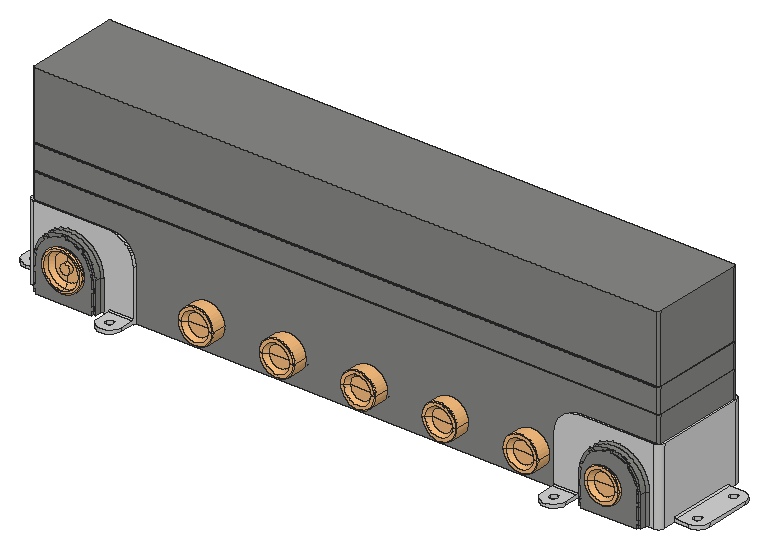
Revit family "Valve-Six_Outlet_Thermostatic-KOHLER-K-26344T_1", category Plumbing Fixtures, host Face, Revit 2017
Family settings
  Host = Face
  Round Connector Dimension = Use Diameter
  Part Type = Normal
  OmniClass Number = 23.27.31.00
  OmniClass Title = Valves
  Cut with Voids When Loaded = No
  Shared = No
  Room Calculation Point = No
Parameters (values of type "58-Thunder Grey")
  Width = 21 81/128"  # constant formula
  WaterSense Certified = 1 = 0  # no
  Waste Connection = 1 = 0  # no
  Vent Connection = 1 = 0  # no
  Tempered Water Outlet 6 UP [instance] = yes
  Tempered Water Outlet 6 Down [instance] = not(Tempered Water Outlet 6 UP)  # no
  Tempered Water Outlet 6 = "Tempered Water Outlet 6"  # constant formula
  Tempered Water Outlet 5 = "Tempered Water Outlet 5"  # constant formula
  Tempered Water Outlet 4 = "Tempered Water Outlet 4"  # constant formula
  Tempered Water Outlet 3 = "Tempered Water Outlet 3"  # constant formula
  Tempered Water Outlet 2 = "Tempered Water Outlet 2"  # constant formula
  Tempered Water Outlet 1 = "Tempered Water Outlet 1"  # constant formula
  URL = "http://www.kohler.com.cn/"
  Type = 1
  Product Page URL = ""
  Product Name = ""
  Product Documentation Link = ""
  Pressure = 0.00 psi  # constant formula
  Tempered Water Outlet 5 UP [instance] = yes
  Tempered Water Outlet 5 Down [instance] = not(Tempered Water Outlet 5 UP)  # no
  Tempered Water Outlet 4 UP [instance] = yes
  Tempered Water Outlet 4 Down [instance] = not(Tempered Water Outlet 4 UP)  # no
  Tempered Water Outlet 3 UP [instance] = yes
  Tempered Water Outlet 3 Down [instance] = not(Tempered Water Outlet 3 UP)  # no
  Tempered Water Outlet 2 Down [instance] = not(Tempered Water Outlet 2 UP)  # no
  Tempered Water Outlet 1 UP [instance] = yes
  Tempered Water Outlet 1 Down [instance] = not(Tempered Water Outlet 1 UP)  # no
  Model = "K-26344T-NA"  # constant formula
  Material = "Plastic construction"  # constant formula
  Master Format 2014 Name = "Control Valves"  # constant formula
  Master Format 2014 = "23 09 13.33"  # constant formula
  Manufacturer Address = "Kohler Beijing Office (100016) 36-2-03-B, No. 88, Liuxiang Road, Beijing"  # constant formula
  Manufacturer = "KOHLER Co."  # constant formula
  Length = 6 13/128"  # constant formula
  Hot Water Inlet = "Hot Water Inlet"  # constant formula
  Height = 4 113/128"  # constant formula
  HW Connection = 1 = 1  # yes
  Flow Rate = 1.75 GPM  # constant formula
  Finish = Kohler-Plastic-58-Thunder_Grey
  Environmental Product Declaration = ""
  Description = "REC PUSH-BUTTON TH VALVE- 6 OUTLET"  # constant formula
  Default Elevation = 42"
  Declare Label = ""
  Date Modified = "02/12/2021"  # constant formula
  Date Created = "02/11/2021"  # constant formula
  Copyright = "Copyright KOHLER Co."  # constant formula
  Contact Us = "http://www.kohler.com.cn/contact/contact-us/"
  Tempered Water Outlet 2 UP [instance] = yes
  Cold Water Inlet = "Cold Water Inlet"  # constant formula
  CW Connection = 1 = 1  # yes
  Assembly Code = "D2020"
  ADA Compliant = 1 = 0  # no
Reference planes (in)
  plane 1 "Center (Front/Back)": y = 0
  plane 2: z = 0
  plane 3 "Center (Left/Right)": x = 0
  plane 4: y = 2.44056
  plane 5: y = -2.44225
  plane 6: y = 2.06786
  plane 7: y = 0.7088
  plane 8: y = -0.7088
  plane 9: y = -2.06786
  plane 10: y = 1.59449
  plane 11: y = -1.59449
  plane 12: y = 1.06299
  plane 13: y = -1.06299
  plane 14: y = 1.51575
  plane 15: y = -1.51575
  plane 16: x = -10.81695
  plane 17: x = -10.44302
  plane 18: x = -9.87202
  plane 19: x = -9.97044
  plane 20: x = -8.59226
  plane 21: z = -6.10156
  plane 22: x = -4.37846
  plane 23: x = -1.82014
  plane 24: x = 3.29803
  plane 25: x = 8.41418
  plane 26: x = 0.73818
  plane 27: x = 5.85611
  plane 28: x = 10.81586
  plane 29: x = 10.44302
  plane 30: x = 9.87202
  plane 31: x = 9.97044
  plane 32: z = -5.11315
  plane 33: z = -5.21662
Forms (in)
  Extrusion 1, void
    sketch origin (0, 0, 0) x (1, 0, 0) y (0, 1, 0)
      loop
        line (9.97048, 1.59431) -> (-9.97048, 1.59431) -> (-9.97048, -1.59467) -> (9.97048, -1.59467) -> (9.97048, 1.59431)
    from -3.63515 to 0.93426
  Extrusion 2, void
    sketch origin (0, 0.09467, 0) x (1, 0, 0) y (0, 1, 0)
      loop
        line (10.84548, 2.3512) -> (-10.84548, 2.3512) -> (-10.84548, -2.53217) -> (10.84548, -2.53217) -> (10.84548, 2.3512)
    from -6.08285 to -3.57524
Dimensions and locks (in)
  plane 8 to plane 7 = 1.4176"
  plane 10 to plane 11 = 3.18898"
  "Width": plane 16 to plane 28
  "Length": level to plane 21
  "Height": plane 4 to plane 5
  aligned and locked: plane 2 to host face
  aligned and locked: level to host face
Automatic sketch dimensions
  host sketch curve to host sketch curve = 96"  (x2)
  Extrusion 1 sketch curve to plane 14 = 0.07856"
  plane 18 to Extrusion 1 sketch curve = 0.09847"
  Extrusion 1 sketch curve to plane 15 = 0.07892"
  plane 3 "Center (Left/Right)" to Extrusion 1 sketch curve = 9.97048"
  plane 19 to Extrusion 2 sketch curve = 0.87504"
  plane 31 to Extrusion 2 sketch curve = 0.87504"
  Extrusion 2 sketch curve to plane 5 = 0.00475"
  plane 10 to Extrusion 2 sketch curve = 0.85138"
Nested families (in)
  nested 1: "K-26344T" at (0, 0, -6.10236), type "K-26344T"
Connectors (in)
  piping at (-1.82014, 1.9687, -5.21662), diameter 0.5, driven by "Flow Rate", driven by "HW Connection", driven by "Tempered Water Outlet 2"
    settings: on nested 1, index 2, connector inside diameter 24", connector length 0", flow factor 0, pipe flow 1.75 GPM, pressure drop 0.00 psi, fitting loss kfactor 0, connector angle 0.00°, fixture units 0, engagement length 0", angle of deflection 0.00°, flow configuration 1, flow direction 2, fitting loss method 0, system type 19, joint type 0, gender type 0, connector reference index -1, connector utility 1, adjustable connector no, is connector primary yes, connector description "Tempered Water Outlet 2"
  piping at (0.73818, 1.93826, -5.21662), diameter 0.5, driven by "Flow Rate", driven by "HW Connection", driven by "Tempered Water Outlet 3"
    settings: on nested 1, index 3, connector inside diameter 24", connector length 0", flow factor 0, pipe flow 1.75 GPM, pressure drop 0.00 psi, fitting loss kfactor 0, connector angle 0.00°, fixture units 0, engagement length 0", angle of deflection 0.00°, flow configuration 1, flow direction 2, fitting loss method 0, system type 19, joint type 0, gender type 0, connector reference index -1, connector utility 1, adjustable connector no, is connector primary no, connector description "Tempered Water Outlet 3"
  piping at (3.29803, 1.93826, -5.21662), diameter 0.5, driven by "Flow Rate", driven by "HW Connection", driven by "Tempered Water Outlet 4"
    settings: on nested 1, index 4, connector inside diameter 24", connector length 0", flow factor 0, pipe flow 1.75 GPM, pressure drop 0.00 psi, fitting loss kfactor 0, connector angle 0.00°, fixture units 0, engagement length 0", angle of deflection 0.00°, flow configuration 1, flow direction 2, fitting loss method 0, system type 19, joint type 0, gender type 0, connector reference index -1, connector utility 1, adjustable connector no, is connector primary no, connector description "Tempered Water Outlet 4"
  piping at (5.85611, 1.93826, -5.21662), diameter 0.5, driven by "Flow Rate", driven by "HW Connection", driven by "Tempered Water Outlet 5"
    settings: on nested 1, index 5, connector inside diameter 24", connector length 0", flow factor 0, pipe flow 1.75 GPM, pressure drop 0.00 psi, fitting loss kfactor 0, connector angle 0.00°, fixture units 0, engagement length 0", angle of deflection 0.00°, flow configuration 1, flow direction 2, fitting loss method 0, system type 19, joint type 0, gender type 0, connector reference index -1, connector utility 1, adjustable connector no, is connector primary no, connector description "Tempered Water Outlet 5"
  piping at (-8.58107, -1.85253, -5.12263), diameter 0.75, driven by "Flow Rate", driven by "CW Connection", driven by "Cold Water Inlet"
    settings: on nested 1, index 7, connector inside diameter 24", connector length 0", flow factor 0, pipe flow 1.75 GPM, pressure drop 0.00 psi, fitting loss kfactor 0, connector angle 0.00°, fixture units 0, engagement length 0", angle of deflection 0.00°, flow configuration 1, flow direction 1, fitting loss method 0, system type 20, joint type 0, gender type 0, connector reference index -1, connector utility 1, adjustable connector no, is connector primary no, connector description "Cold Water Inlet"
  piping at (-8.58107, 1.84826, -5.12263), diameter 0.75, driven by "Flow Rate", driven by "HW Connection", driven by "Hot Water Inlet"
    settings: on nested 1, index 8, connector inside diameter 24", connector length 0", flow factor 0, pipe flow 1.75 GPM, pressure drop 0.00 psi, fitting loss kfactor 0, connector angle 0.00°, fixture units 0, engagement length 0", angle of deflection 0.00°, flow configuration 1, flow direction 1, fitting loss method 0, system type 19, joint type 0, gender type 0, connector reference index -1, connector utility 1, adjustable connector no, is connector primary no, connector description "Hot Water Inlet"
  piping at (8.41418, 1.92913, -5.21662), diameter 0.5, driven by "Flow Rate", driven by "HW Connection", driven by "Tempered Water Outlet 6"
    settings: on nested 1, index 9, connector inside diameter 24", connector length 0", flow factor 0, pipe flow 1.75 GPM, pressure drop 0.00 psi, fitting loss kfactor 0, connector angle 0.00°, fixture units 0, engagement length 0", angle of deflection 0.00°, flow configuration 1, flow direction 2, fitting loss method 0, system type 19, joint type 0, gender type 0, connector reference index -1, connector utility 1, adjustable connector no, is connector primary no, connector description "Tempered Water Outlet 6"
  piping at (-4.37846, 1.93826, -5.21662), diameter 0.5, driven by "Flow Rate", driven by "HW Connection", driven by "Tempered Water Outlet 1"
    settings: on nested 1, index 10, connector inside diameter 24", connector length 0", flow factor 0, pipe flow 1.75 GPM, pressure drop 0.00 psi, fitting loss kfactor 0, connector angle 0.00°, fixture units 0, engagement length 0", angle of deflection 0.00°, flow configuration 1, flow direction 2, fitting loss method 0, system type 19, joint type 0, gender type 0, connector reference index -1, connector utility 1, adjustable connector no, is connector primary no, connector description "Tempered Water Outlet 1"
Definition of nested family "K-26344T"
  Parameters (values of type "K-26344T")
    Material = none
    Connector 6 UP = yes
    Connector 6 Down = not(Connector 6 UP)  # no
    Connector 6 Dist = if(Connector 6 UP, 3 1/32", 0")  # 3 1/32"
    Connector 6 Angle = if(Connector 6 UP, 0.00°, 180.00°)  # 0.00°
    Connector 5 UP = yes
    Connector 5 Down = not(Connector 5 UP)  # no
    Connector 5 Dist = if(Connector 5 UP, 3 1/32", 0")  # 3 1/32"
    Connector 5 Angle = if(Connector 5 UP, 0.00°, 180.00°)  # 0.00°
    Connector 4 UP = yes
    Connector 4 Down = not(Connector 4 UP)  # no
    Connector 4 Dist = if(Connector 4 UP, 3 1/32", 0")  # 3 1/32"
    Connector 4 Angle = if(Connector 4 UP, 0.00°, 180.00°)  # 0.00°
    Connector 3 UP = yes
    Connector 3 Down = not(Connector 3 UP)  # no
    Connector 3 Dist = if(Connector 3 UP, 3 1/32", 0")  # 3 1/32"
    Connector 3 Angle = if(Connector 3 UP, 0.00°, 180.00°)  # 0.00°
    Connector 2 UP = yes
    Connector 2 Down = not(Connector 2 UP)  # no
    Connector 2 Dist = if(Connector 2 UP, 3 1/32", 0")  # 3 1/32"
    Connector 2 Angle = if(Connector 2 UP, 0.00°, 180.00°)  # 0.00°
    Connector 1 UP = yes
    Connector 1 Down = not(Connector 1 UP)  # no
    Connector 1 Dist = if(Connector 1 UP, 3 1/32", 0")  # 3 1/32"
    Connector 1 Angle = if(Connector 1 UP, 0.00°, 180.00°)  # 0.00°
  Reference planes (in)
    plane 1 "Center (Front/Back)": y = 0
    plane 2: z = 0
    plane 3 "Center (Left/Right)": x = 0
    plane 4 "A": z = 0.88574
    plane 5: z = 0.98921
    plane 6: z = 0.11829
    plane 7: z = 0.01953
    plane 8: z = 2.38189
    plane 9: z = 0.15384
    plane 10: z = 6.10236
    plane 11: z = 5.63386
    plane 12: x = -10.81694
    plane 13: x = -9.97048
    plane 14: x = -9.87206
    plane 15: x = -9.56694
    plane 16: x = -9.52757
    plane 17: x = -7.61755
    plane 18: x = -7.65692
    plane 19: x = -7.37206
    plane 20: x = -6.62402
    plane 21: x = -2.37132
    plane 22: x = -1.26896
    plane 23: x = -9.62368
    plane 24: x = -9.77403
    plane 25: x = -7.55523
    plane 26: x = -7.49017
    plane 27: x = -8.59224
    plane 28: x = -6.99804
    plane 29: x = -10.443
    plane 30: x = -1.82014
    plane 31: x = -4.92964
    plane 32: x = -3.82728
    plane 33: x = -4.37846
    plane 34: x = 0.187
    plane 35: x = 1.28936
    plane 36: x = 0.73818
    plane 37: x = 2.74685
    plane 38: x = 3.84921
    plane 39: x = 3.29803
    plane 40: x = 5.30493
    plane 41: x = 6.40729
    plane 42: x = 5.85611
    plane 43: x = 10.81694
    plane 44: x = 9.97048
    plane 45: x = 9.87206
    plane 46: x = 9.56694
    plane 47: x = 9.52757
    plane 48: x = 7.61755
    plane 49: x = 7.65692
    plane 50: x = 7.37206
    plane 51: x = 6.62402
    plane 52: x = 9.62368
    plane 53: x = 9.77403
    plane 54: x = 7.55523
    plane 55: x = 7.49017
    plane 56: x = 6.99804
    plane 57: x = 10.443
    plane 58: y = 2.44166
    plane 59: y = 1.51557
    plane 60: y = -2.44074
    plane 61: y = -1.51593
    plane 62: y = 1.59431
    plane 63: y = -1.59467
    plane 64: y = 1.43697
    plane 65: y = 1.39746
    plane 66: y = -1.43733
    plane 67: y = -1.39782
    plane 68: y = -0.04612
    plane 69: y = 1.06281
    plane 70: y = -1.06317
    plane 71: y = 0.70862
    plane 72: y = -0.70892
    plane 73: y = 2.06768
    plane 74: y = -2.06804
    plane 75: y = 1.98814
    plane 76: y = -1.98834
    plane 77: y = 1.9687
    plane 78: y = -1.96872
    plane 79 "C": y = 1.51532
    plane 80 "D": y = 1.51532
    plane 81 "E": y = 1.51532
    plane 82 "F": y = 1.51532
    plane 83: x = 8.41418
    plane 84 "G": y = 1.51532
    plane 85 "B": y = 1.51532
  Forms (in)
    Extrusion 1, solid, material <- "Material", detail levels medium+fine
      sketch origin (-1.27974, -0.00213, 0.00374) x (1, 0, 0) y (0, 1, 0)
        loop
          line (11.07299, 1.51746) -> (-8.51496, 1.51746)
          arc (-8.51496, 1.51746) -> (-8.56962, 1.49482) -> (-8.59226, 1.44016) r 0.07729
          line (-8.59226, 1.44016) -> (-8.59226, -1.43589)
          arc (-8.59226, -1.43589) -> (-8.56949, -1.49085) -> (-8.51453, -1.51361) r 0.07772
          line (-8.51453, -1.51361) -> (11.07302, -1.51361)
          arc (11.07302, -1.51361) -> (11.12872, -1.49054) -> (11.15179, -1.43485) r 0.07876
          line (11.15179, -1.43485) -> (11.15179, 1.43866)
          arc (11.15179, 1.43866) -> (11.12871, 1.49438) -> (11.07299, 1.51746) r 0.07879
      from 0 to 6.09846
    Extrusion 2, solid, detail levels medium+fine
      sketch origin (-2.55904, -0.00213, -0.00407) x (1, 0, 0) y (0, 1, 0)
        loop
          line (-7.22394, 1.06495) -> (-7.8832, 1.06495)
          arc (-7.8832, 1.06495) -> (-8.14815, 0.9552) -> (-8.2579, 0.69025) r 0.3747
          line (-8.2579, 0.69025) -> (-8.2579, -0.68628)
          arc (-8.2579, -0.68628) -> (-8.14813, -0.95127) -> (-7.88314, -1.06104) r 0.37476
          line (-7.88314, -1.06104) -> (-7.22394, -1.06104) -> (-7.22394, 1.06495)
        loop
          arc (-4.81302, -2.06459) -> (-4.439, -2.43861) -> (-4.06498, -2.06459) r 0.37402
          line (-4.06498, -2.06459) -> (-4.06498, -1.46754) -> (-4.81302, -1.46754) -> (-4.81302, -2.06459)
        loop
          line (-4.06498, 1.44019) -> (-4.06498, 2.06982)
          arc (-4.06498, 2.06982) -> (-4.439, 2.44383) -> (-4.81302, 2.06982) r 0.37402
          line (-4.81302, 2.06982) -> (-4.81302, 1.44019) -> (-4.06498, 1.44019)
        loop
          circle (-7.88396, 0.71075) r 0.12529
        loop
          circle (-7.88396, -0.70685) r 0.12529
        loop
          circle (-4.439, 2.06982) r 0.12354
        loop
          circle (-4.439, -2.06459) r 0.12415
        loop
          line (12.34202, 1.06495) -> (12.34202, -1.06104) -> (13.00122, -1.06104)
          arc (13.00122, -1.06104) -> (13.26622, -0.95127) -> (13.37598, -0.68628) r 0.37476
          line (13.37598, -0.68628) -> (13.37598, 0.69025)
          arc (13.37598, 0.69025) -> (13.26623, 0.9552) -> (13.00128, 1.06495) r 0.3747
          line (13.00128, 1.06495) -> (12.34202, 1.06495)
        loop
          line (9.9311, -2.06459) -> (9.9311, -1.46754) -> (9.18307, -1.46754) -> (9.18307, -2.06459)
          arc (9.18307, -2.06459) -> (9.55708, -2.43861) -> (9.9311, -2.06459) r 0.37402
        loop
          line (9.18307, 1.44019) -> (9.9311, 1.44019) -> (9.9311, 2.06982)
          arc (9.9311, 2.06982) -> (9.55708, 2.44383) -> (9.18307, 2.06982) r 0.37402
          line (9.18307, 2.06982) -> (9.18307, 1.44019)
        loop
          circle (13.00204, 0.71075) r 0.12529
        loop
          circle (13.00204, -0.70685) r 0.12529
        loop
          circle (9.55708, 2.06982) r 0.12354
        loop
          circle (9.55708, -2.06459) r 0.12415
      from 0.02344 to 0.12219
    Sweep 3, solid, material <- "Material", detail levels medium+fine
      path origin (-2.55904, -0.00213, -0.00017) x (1, 0, 0) y (0, 0, 1)
        loop
          line (-5.05908, 0.01969) -> (-5.05908, 0.98445)
          arc (-5.05908, 0.98445) -> (-6.03349, 1.95886) -> (-7.0079, 0.98445) r 0.97441
          line (-7.0079, 0.98445) -> (-7.0079, 0.01969)
      profile origin (-9.56694, -0.00213, 0.5019) x (0, -1, 0) y (1, 0, 0)
        loop
          line (1.85039, 0) -> (1.85039, 0.31023) -> (1.573, 0.31023) -> (1.573, -0.07652)
          arc (1.573, -0.07652) -> (1.61262, -0.02118) -> (1.67729, 0) r 0.10932
          line (1.67729, 0) -> (1.85039, 0)
        loop
          line (-1.85039, 0) -> (-1.6851, 0)
          arc (-1.6851, 0) -> (-1.62043, -0.02118) -> (-1.58082, -0.07652) r 0.10932
          line (-1.58082, -0.07652) -> (-1.58082, 0.31023) -> (-1.85039, 0.31023) -> (-1.85039, 0)
    Extrusion 4, solid, material <- "Material", detail levels medium+fine
      sketch origin (-2.55904, -0.00213, -0.00017) x (1, 0, 0) y (0, 0, 1)
        loop
          line (-6.90947, 0.1378) -> (-6.90947, 0) -> (-5.1575, 0) -> (-5.1575, 0.1378) -> (-5.09845, 0.1378) -> (-5.09845, 0.25591) -> (-5.1575, 0.25591) -> (-5.1575, 0.62992) -> (-5.09845, 0.62992) -> (-5.09845, 0.74803) -> (-5.1575, 0.74803) -> (-5.1575, 0.98425)
          arc (-5.1575, 0.98425) -> (-5.16093, 1.06162) -> (-5.17117, 1.13839) r 0.87598
          line (-5.17117, 1.13839) -> (-5.1138, 1.15269)
          arc (-5.1138, 1.15269) -> (-5.12627, 1.21045) -> (-5.14235, 1.2673) r 0.93495
          line (-5.14235, 1.2673) -> (-5.19974, 1.25299)
          arc (-5.19974, 1.25299) -> (-5.29883, 1.46135) -> (-5.44887, 1.63661) r 0.87598
          line (-5.44887, 1.63661) -> (-5.4124, 1.68329)
          arc (-5.4124, 1.68329) -> (-5.45778, 1.72112) -> (-5.50546, 1.75602) r 0.93495
          line (-5.50546, 1.75602) -> (-5.54194, 1.70932)
          arc (-5.54194, 1.70932) -> (-5.7483, 1.81251) -> (-5.97443, 1.85824) r 0.87598
          line (-5.97443, 1.85824) -> (-5.97443, 1.91753)
          arc (-5.97443, 1.91753) -> (-6.03349, 1.9194) -> (-6.09254, 1.91753) r 0.93495
          line (-6.09254, 1.91753) -> (-6.09254, 1.85824)
          arc (-6.09254, 1.85824) -> (-6.31868, 1.81251) -> (-6.52503, 1.70932) r 0.87598
          line (-6.52503, 1.70932) -> (-6.56151, 1.75602)
          arc (-6.56151, 1.75602) -> (-6.60919, 1.72112) -> (-6.65458, 1.68329) r 0.93495
          line (-6.65458, 1.68329) -> (-6.61811, 1.63661)
          arc (-6.61811, 1.63661) -> (-6.76815, 1.46135) -> (-6.86723, 1.25299) r 0.87598
          line (-6.86723, 1.25299) -> (-6.92462, 1.2673)
          arc (-6.92462, 1.2673) -> (-6.94071, 1.21045) -> (-6.95317, 1.15269) r 0.93495
          line (-6.95317, 1.15269) -> (-6.8958, 1.13839)
          arc (-6.8958, 1.13839) -> (-6.90605, 1.06162) -> (-6.90947, 0.98425) r 0.87598
          line (-6.90947, 0.98425) -> (-6.90947, 0.74803) -> (-6.96853, 0.74803) -> (-6.96853, 0.62992) -> (-6.90947, 0.62992) -> (-6.90947, 0.25591) -> (-6.96853, 0.25591) -> (-6.96853, 0.1378) -> (-6.90947, 0.1378)
      from -1.93127 to 1.88763
    Revolve 5, solid, detail levels medium+fine
      sketch origin (-8.59224, -0.00213, -0.00017) x (0, 1, 0) y (0, 0, 1)
        loop
          line (-1.9862, 1.58663) -> (-1.9862, 1.52773) -> (-1.85039, 1.52773) -> (-1.72942, 1.40675) -> (-1.72942, 0.98425) -> (1.72942, 0.98425) -> (1.72942, 1.40675) -> (1.85039, 1.52773) -> (1.99028, 1.52773) -> (1.99028, 1.58256) -> (1.94895, 1.62388) -> (-1.94895, 1.62388) -> (-1.9862, 1.58663)
        axis (1.99028, 0.98425) -> (-1.9862, 0.98425)
      angle from 0 to 360
    Revolve 6, solid, detail levels medium+fine
      sketch origin (-2.55904, -0.00213, 0.88557) x (1, 0, 0) y (0, 1, 0)
        loop
          line (2.86549, -1.96659) -> (2.95569, -1.83778) -> (3.29722, -1.83778) -> (3.29722, 1.83778) -> (2.95569, 1.83778) -> (2.86254, 1.97081) -> (2.76734, 1.97081) -> (2.74604, 1.94039) -> (2.74604, -1.94039) -> (2.76438, -1.96659) -> (2.86549, -1.96659)
        axis (3.29722, -1.96659) -> (3.29722, 1.97081)
      angle from 0 to 360
    Revolve 7, solid, detail levels medium+fine
      sketch origin (1.47708, -0.00213, 0.88557) x (-1, 0, 0) y (0, -1, 0)
        loop
          line (3.72911, 1.96682) -> (3.63876, 1.83777) -> (3.29722, 1.83777) -> (3.29722, -1.83778) -> (3.63876, -1.83778) -> (3.73192, -1.97083) -> (3.82709, -1.97083) -> (3.8484, -1.9404) -> (3.8484, 1.94039) -> (3.8299, 1.96682) -> (3.72911, 1.96682)
        axis (3.29722, 1.96682) -> (3.29722, -1.97083)
      angle from 0 to 360
    Revolve 8, solid, detail levels medium+fine
      sketch origin (-7.67728, -0.00213, 0.88557) x (1, 0, 0) y (0, 1, 0)
        loop
          line (2.86549, -1.96659) -> (2.95569, -1.83778) -> (3.29722, -1.83778) -> (3.29722, 1.83778) -> (2.95569, 1.83778) -> (2.86274, 1.97052) -> (2.76713, 1.97052) -> (2.74604, 1.94039) -> (2.74604, -1.94039) -> (2.76438, -1.96659) -> (2.86549, -1.96659)
        axis (3.29722, -1.96659) -> (3.29722, 1.97052)
      angle from 0 to 360
    Extrusion 9, solid, detail levels medium+fine
      sketch origin (-2.55904, -0.00213, -0.00017) x (1, 0, 0) y (0, 0, 1)
        loop
          line (-7.50289, 0.11079) -> (-7.40402, 0.11079) -> (-7.40402, 0.20277)
          arc (-7.40402, 0.20277) -> (-7.43537, 0.13734) -> (-7.50289, 0.11079) r 0.09913
      from -1.06299 to 1.06299
    Extrusion 10, solid, detail levels medium+fine
      sketch origin (-2.55904, -0.1076, -0.00407) x (0, 1, 0) y (0, 0, -1)
        loop
          line (1.75993, -0.11488) -> (1.68901, -0.11488) -> (1.68901, -0.19422)
          arc (1.68901, -0.19422) -> (1.70932, -0.14101) -> (1.75993, -0.11488) r 0.07984
      from 4.06494 to 4.81302
    Extrusion 11, solid, detail levels medium+fine
      sketch origin (-2.55904, 0.10333, -0.00407) x (0, -1, 0) y (0, 0, 1)
        loop
          arc (1.75993, 0.11488) -> (1.70932, 0.14101) -> (1.68901, 0.19422) r 0.07984
          line (1.68901, 0.19422) -> (1.68901, 0.11488) -> (1.75993, 0.11488)
      from 4.06494 to 4.81302
    Extrusion 12, solid, detail levels medium+fine
      sketch origin (-2.54786, -0.00213, -0.00452) x (1, 0, 0) y (0, 0, 1)
        loop
          circle (-6.0332, 0.98425) r 0.14992
      from -1.85039 to 1.85039
    Revolve 13, solid, detail levels medium+fine
      sketch origin (0.00081, -0.00213, 0.88557) x (1, 0, 0) y (0, 1, 0)
        loop
          line (2.86549, -1.96659) -> (2.95569, -1.83778) -> (3.29722, -1.83778) -> (3.29722, 1.81221) -> (2.97359, 1.81221) -> (2.8626, 1.97072) -> (2.76728, 1.97072) -> (2.74604, 1.94039) -> (2.74604, -1.94039) -> (2.76438, -1.96659) -> (2.86549, -1.96659)
        axis (3.29722, -1.96659) -> (3.29722, 1.97072)
      angle from 0 to 360
    Extrusion 14, solid, detail levels medium+fine
      sketch origin (-1.27948, 0, -0.00017) x (1, 0, 0) y (0, 1, 0)
        loop
          line (-5.15687, 1.59449) -> (-8.49451, 1.59449)
          arc (-8.49451, 1.59449) -> (-8.63341, 1.53695) -> (-8.69095, 1.39805) r 0.19644
          line (-8.69095, 1.39805) -> (-8.69095, -1.39884)
          arc (-8.69095, -1.39884) -> (-8.63364, -1.53718) -> (-8.4953, -1.59449) r 0.19565
          line (-8.4953, -1.59449) -> (-5.15687, -1.59449) -> (-5.15687, 1.59449)
      from 0 to 2.72835
    Extrusion 15, void
      sketch origin (-1.27948, 0, -0.00017) x (1, 0, 0) y (0, 0, 1)
        loop
          arc (-6.13263, 2.38189) -> (-5.57533, 2.15105) -> (-5.34449, 1.59375) r 0.78814
          line (-5.34449, 1.59375) -> (-5.34449, -0.15625) -> (-4.88263, -0.15625) -> (-4.88263, 2.88189) -> (-8.88263, 2.88189) -> (-8.88263, 2.38189) -> (-6.13263, 2.38189)
      from -1.98819 to 1.98819
    Sweep 16, solid, material <- "Material", detail levels medium+fine
      path origin (2.55903, -0.00213, -0.00017) x (-1, 0, 0) y (0, 0, -1)
        loop
          line (-5.05908, -0.01969) -> (-5.05908, -0.98445)
          arc (-5.05908, -0.98445) -> (-6.03349, -1.95886) -> (-7.0079, -0.98445) r 0.97441
          line (-7.0079, -0.98445) -> (-7.0079, -0.01969)
      profile origin (9.56692, -0.00213, 0.5019) x (0, -1, 0) y (1, 0, 0)
        loop
          line (1.85039, 0) -> (1.6851, 0)
          arc (1.6851, 0) -> (1.62043, 0.02118) -> (1.58082, 0.07652) r 0.10932
          line (1.58082, 0.07652) -> (1.58082, -0.24773) -> (1.85039, -0.24773) -> (1.85039, 0)
        loop
          line (-1.85039, 0) -> (-1.85039, -0.24773) -> (-1.573, -0.24773) -> (-1.573, 0.07652)
          arc (-1.573, 0.07652) -> (-1.61262, 0.02118) -> (-1.67729, 0) r 0.10932
          line (-1.67729, 0) -> (-1.85039, 0)
    Extrusion 17, solid, material <- "Material", detail levels medium+fine
      sketch origin (2.55903, -0.00213, -0.00017) x (-1, 0, 0) y (0, 0, -1)
        loop
          line (-6.90947, -0.1378) -> (-6.96853, -0.1378) -> (-6.96853, -0.25591) -> (-6.90947, -0.25591) -> (-6.90947, -0.62992) -> (-6.96853, -0.62992) -> (-6.96853, -0.74803) -> (-6.90947, -0.74803) -> (-6.90947, -0.98425)
          arc (-6.90947, -0.98425) -> (-6.90605, -1.06162) -> (-6.8958, -1.13839) r 0.87598
          line (-6.8958, -1.13839) -> (-6.95317, -1.15269)
          arc (-6.95317, -1.15269) -> (-6.94071, -1.21045) -> (-6.92462, -1.2673) r 0.93495
          line (-6.92462, -1.2673) -> (-6.86723, -1.25299)
          arc (-6.86723, -1.25299) -> (-6.76815, -1.46135) -> (-6.61811, -1.63661) r 0.87598
          line (-6.61811, -1.63661) -> (-6.65458, -1.68329)
          arc (-6.65458, -1.68329) -> (-6.60919, -1.72112) -> (-6.56151, -1.75602) r 0.93495
          line (-6.56151, -1.75602) -> (-6.52503, -1.70932)
          arc (-6.52503, -1.70932) -> (-6.31868, -1.81251) -> (-6.09254, -1.85824) r 0.87598
          line (-6.09254, -1.85824) -> (-6.09254, -1.91753)
          arc (-6.09254, -1.91753) -> (-6.03349, -1.9194) -> (-5.97443, -1.91753) r 0.93495
          line (-5.97443, -1.91753) -> (-5.97443, -1.85824)
          arc (-5.97443, -1.85824) -> (-5.7483, -1.81251) -> (-5.54194, -1.70932) r 0.87598
          line (-5.54194, -1.70932) -> (-5.50546, -1.75602)
          arc (-5.50546, -1.75602) -> (-5.45778, -1.72112) -> (-5.4124, -1.68329) r 0.93495
          line (-5.4124, -1.68329) -> (-5.44887, -1.63661)
          arc (-5.44887, -1.63661) -> (-5.29883, -1.46135) -> (-5.19974, -1.25299) r 0.87598
          line (-5.19974, -1.25299) -> (-5.14235, -1.2673)
          arc (-5.14235, -1.2673) -> (-5.12627, -1.21045) -> (-5.1138, -1.15269) r 0.93495
          line (-5.1138, -1.15269) -> (-5.17117, -1.13839)
          arc (-5.17117, -1.13839) -> (-5.16093, -1.06162) -> (-5.1575, -0.98425) r 0.87598
          line (-5.1575, -0.98425) -> (-5.1575, -0.74803) -> (-5.09845, -0.74803) -> (-5.09845, -0.62992) -> (-5.1575, -0.62992) -> (-5.1575, -0.25591) -> (-5.09845, -0.25591) -> (-5.09845, -0.1378) -> (-5.1575, -0.1378) -> (-5.1575, 0) -> (-6.90947, 0) -> (-6.90947, -0.1378)
      from -1.93127 to 1.88763
    Revolve 18, solid, detail levels medium+fine
      sketch origin (5.11696, -0.00213, 0.88538) x (1, 0, 0) y (0, 1, 0)
        loop
          line (2.86549, -1.96659) -> (2.95569, -1.83778) -> (3.29722, -1.83778) -> (3.29722, 1.81221) -> (2.97359, 1.81221) -> (2.86252, 1.97083) -> (2.76736, 1.97083) -> (2.74604, 1.94039) -> (2.74604, -1.94039) -> (2.76438, -1.96659) -> (2.86549, -1.96659)
        axis (3.29722, -1.96659) -> (3.29722, 1.97083)
      angle from 0 to 360
    Extrusion 19, solid, detail levels medium+fine
      sketch origin (1.27946, 0, -0.00017) x (-1, 0, 0) y (0, -1, 0)
        loop
          line (-5.15687, -1.59449) -> (-5.15687, 1.59449) -> (-8.4953, 1.59449)
          arc (-8.4953, 1.59449) -> (-8.63364, 1.53718) -> (-8.69095, 1.39884) r 0.19565
          line (-8.69095, 1.39884) -> (-8.69095, -1.39805)
          arc (-8.69095, -1.39805) -> (-8.63341, -1.53695) -> (-8.49451, -1.59449) r 0.19644
          line (-8.49451, -1.59449) -> (-5.15687, -1.59449)
      from 0 to 2.72835
    Revolve 20, solid, detail levels medium+fine
      sketch origin (2.55888, -0.00213, 0.88557) x (1, 0, 0) y (0, 1, 0)
        loop
          line (2.86549, -1.96659) -> (2.95569, -1.83778) -> (3.29722, -1.83778) -> (3.29722, 1.81221) -> (2.97359, 1.81221) -> (2.8626, 1.97072) -> (2.76728, 1.97072) -> (2.74604, 1.94039) -> (2.74604, -1.94039) -> (2.76438, -1.96659) -> (2.86549, -1.96659)
        axis (3.29722, -1.96659) -> (3.29722, 1.97072)
      angle from 0 to 360
    Extrusion 21, void
      sketch origin (0, 0, 0) x (1, 0, 0) y (0, 0, 1)
        loop
          line (10.30095, 2.38189) -> (10.30095, 2.79519) -> (6.30095, 2.79519) -> (6.30095, -0.27349) -> (6.62401, -0.27349) -> (6.62401, 1.59321)
          arc (6.62401, 1.59321) -> (6.85501, 2.15089) -> (7.41269, 2.38189) r 0.78868
          line (7.41269, 2.38189) -> (10.30095, 2.38189)
      from -1.98819 to 1.98819
    Sweep 22, void
      path origin (0, 0, 0) x (1, 0, 0) y (0, 1, 0)
        loop
          line (9.79325, 1.51532) -> (-9.79471, 1.51532)
          arc (-9.79471, 1.51532) -> (-9.84936, 1.49268) -> (-9.872, 1.43803) r 0.07729
          line (-9.872, 1.43803) -> (-9.872, -1.43803)
          arc (-9.872, -1.43803) -> (-9.84924, -1.49298) -> (-9.79428, -1.51575) r 0.07772
          line (-9.79428, -1.51575) -> (9.79328, -1.51575)
          arc (9.79328, -1.51575) -> (9.84897, -1.49268) -> (9.87204, -1.43698) r 0.07876
          line (9.87204, -1.43698) -> (9.87204, 1.43653)
          arc (9.87204, 1.43653) -> (9.84896, 1.49224) -> (9.79325, 1.51532) r 0.07879
      profile origin (-9.872, 0, 0) x (1, 0, 0) y (0, 0, 1)
        loop
          line (-0.01974, 3.99606) -> (-0.01974, 3.95669) -> (0.02661, 3.95669) -> (0.02661, 3.99606) -> (-0.01974, 3.99606)
        loop
          line (-0.01974, 3.20866) -> (-0.01974, 3.16929) -> (0.02661, 3.16929) -> (0.02661, 3.20866) -> (-0.01974, 3.20866)
    Extrusion 23, void
      sketch origin (0, 0, 0) x (1, 0, 0) y (0, 0, 1)
        loop
          circle (-8.59224, 0.98408) r 0.55979
      from 1.57514 to 2.17088
    Extrusion 24, void
      sketch origin (0, 0, 0) x (1, 0, 0) y (0, 0, 1)
        loop
          circle (-8.59224, 0.98408) r 0.56419
      from -2.21845 to -1.57868
    Extrusion 25, void
      sketch origin (0, 0, 0) x (1, 0, 0) y (0, 0, 1)
        loop
          circle (8.41418, 0.88538) r 0.4505
      from 1.57514 to 2.17839
    Extrusion 26, void
      sketch origin (0, 0, 0) x (1, 0, 0) y (0, 0, 1)
        loop
          circle (8.41418, 0.88538) r 0.47389
      from -2.17496 to -1.57868
    Revolve 27, solid, detail levels medium+fine
      sketch origin (-1.82014, 1.51532, 0.88574) x (0, 1, 0) y (-1, 0, 0)
        loop
          line (0.32032, 0) -> (0.32032, -0.1392) -> (0.45338, -0.1392) -> (0.45338, 0) -> (0.32032, 0)
        axis (0.32032, 0) -> (0.45338, 0)
      angle from 0 to 360
    Revolve 28, solid, detail levels medium+fine
      sketch origin (0.73818, 1.51532, 0.88574) x (0, 1, 0) y (-1, 0, 0)
        loop
          line (0.32032, 0) -> (0.32032, -0.12062) -> (0.42294, -0.12062) -> (0.42294, 0) -> (0.32032, 0)
        axis (0.32032, 0) -> (0.42294, 0)
      angle from 0 to 360
    Revolve 29, solid, detail levels medium+fine
      sketch origin (3.29803, 1.51532, 0.88574) x (0, 1, 0) y (-1, 0, 0)
        loop
          line (0.29475, 0) -> (0.29475, -0.13817) -> (0.42294, -0.13817) -> (0.42294, 0) -> (0.29475, 0)
        axis (0.29475, 0) -> (0.42294, 0)
      angle from 0 to 360
    Revolve 30, solid, detail levels medium+fine
      sketch origin (5.85611, 1.51532, 0.88574) x (0, 1, 0) y (-1, 0, 0)
        loop
          line (0.29475, 0) -> (0.29475, -0.13806) -> (0.42294, -0.13806) -> (0.42294, 0) -> (0.29475, 0)
        axis (0.29475, 0) -> (0.42294, 0)
      angle from 0 to 360
    Extrusion 31, solid, detail levels medium+fine
      sketch origin (2.55904, -0.00213, -0.00017) x (-1, 0, 0) y (0, 0, -1)
        loop
          arc (-7.50289, -0.11079) -> (-7.43537, -0.13734) -> (-7.40402, -0.20277) r 0.09913
          line (-7.40402, -0.20277) -> (-7.40402, -0.11079) -> (-7.50289, -0.11079)
      from -1.06299 to 1.06299
    Extrusion 32, solid, detail levels medium+fine
      sketch origin (2.55904, -0.1076, -0.00407) x (0, 1, 0) y (0, 0, 1)
        loop
          arc (1.75993, 0.11488) -> (1.70932, 0.14101) -> (1.68901, 0.19422) r 0.07984
          line (1.68901, 0.19422) -> (1.68901, 0.11488) -> (1.75993, 0.11488)
      from 4.06494 to 4.81302
    Extrusion 33, solid, detail levels medium+fine
      sketch origin (2.55904, 0.10333, -0.00407) x (0, -1, 0) y (0, 0, -1)
        loop
          line (1.75993, -0.11488) -> (1.68901, -0.11488) -> (1.68901, -0.19422)
          arc (1.68901, -0.19422) -> (1.70932, -0.14101) -> (1.75993, -0.11488) r 0.07984
      from 4.06494 to 4.81302
    Revolve 34, solid, detail levels medium+fine
      sketch origin (8.41418, 1.51532, 0.88574) x (0, 1, 0) y (-1, 0, 0)
        loop
          line (0.29475, 0) -> (0.29475, -0.11928) -> (0.41381, -0.11928) -> (0.41381, 0) -> (0.29475, 0)
        axis (0.29475, 0) -> (0.41381, 0)
      angle from 0 to 360
    Extrusion 35, solid, material <- "Material", detail levels coarse
      sketch origin (-0.75235, 0.401, 0) x (1, 0, 0) y (0, 1, 0)
        loop
          line (-9.21807, -1.99549) -> (10.72276, -1.99549) -> (10.72276, 1.19348) -> (-9.21807, 1.19348) -> (-9.21807, -1.99549)
      from 0 to 6.10219
    Extrusion 36, solid, detail levels coarse
      sketch origin (0, 0, 0) x (1, 0, 0) y (0, 0, 1)
        loop
          line (10.10058, 0.01936) -> (10.10058, 2.51936) -> (6.50408, 2.51936) -> (6.50408, 0.01936) -> (10.10058, 0.01936)
      from -1.67067 to 1.66332
    Extrusion 37, solid, material <- "Material", detail levels coarse
      sketch origin (0, 0, 0) x (1, 0, 0) y (0, 0, 1)
        loop
          line (9.56692, -0.00017) -> (9.56692, 0.9957)
          arc (9.56692, 0.9957) -> (8.59251, 1.97011) -> (7.6181, 0.9957) r 0.97441
          line (7.6181, 0.9957) -> (7.6181, -0.00017) -> (9.56692, -0.00017)
      from -1.98814 to 1.98834
    Extrusion 38, solid, detail levels coarse
      sketch origin (-2.69408, -0.12615, 0) x (1, 0, 0) y (0, 1, 0)
        loop
          line (13.51101, -0.93702) -> (13.51101, 1.18896) -> (12.66449, 1.18896) -> (12.66449, 1.72064) -> (10.06613, 1.72064) -> (10.06613, 2.20498)
          arc (10.06613, 2.20498) -> (9.69212, 2.579) -> (9.3181, 2.20498) r 0.37402
          line (9.3181, 2.20498) -> (9.3181, -1.95221)
          arc (9.3181, -1.95221) -> (9.69212, -2.32623) -> (10.06613, -1.95221) r 0.37402
          line (10.06613, -1.95221) -> (10.06613, -1.46834) -> (12.66449, -1.46834) -> (12.66449, -0.93702) -> (13.51101, -0.93702)
        loop
          line (-7.27635, -1.46834) -> (-4.67798, -1.46834) -> (-4.67798, -1.93928)
          arc (-4.67798, -1.93928) -> (-4.30397, -2.31329) -> (-3.92995, -1.93928) r 0.37402
          line (-3.92995, -1.93928) -> (-3.92995, 2.19797)
          arc (-3.92995, 2.19797) -> (-4.30397, 2.57199) -> (-4.67798, 2.19797) r 0.37402
          line (-4.67798, 2.19797) -> (-4.67798, 1.72034) -> (-7.27635, 1.72034) -> (-7.27635, 1.18896) -> (-8.12286, 1.18896) -> (-8.12286, -0.93702) -> (-7.27635, -0.93702) -> (-7.27635, -1.46834)
      from 0.02344 to 0.12219
    Extrusion 39, solid, detail levels coarse
      sketch origin (0, 0, 0) x (1, 0, 0) y (0, 0, 1)
        loop
          circle (-8.59224, 0.98408) r 0.63963
        loop
          circle (-4.38006, 0.88557) r 0.55118
        loop
          circle (-1.82014, 0.88557) r 0.55118
        loop
          circle (0.73818, 0.88557) r 0.55118
        loop
          circle (3.29803, 0.88557) r 0.55118
        loop
          circle (5.85611, 0.88557) r 0.55118
        loop
          circle (8.41418, 0.88538) r 0.55118
      from -2.12179 to 2.12447
    Extrusion 40, solid, detail levels coarse
      sketch origin (-0.00002, 0, 0) x (-1, 0, 0) y (0, 0, -1)
        loop
          line (10.10058, -0.01936) -> (6.50408, -0.01936) -> (6.50408, -2.51936) -> (10.10058, -2.51936) -> (10.10058, -0.01936)
      from -1.67067 to 1.66332
    Extrusion 41, solid, material <- "Material", detail levels coarse
      sketch origin (-0.00002, 0, 0) x (-1, 0, 0) y (0, 0, -1)
        loop
          line (9.56692, 0.00017) -> (7.6181, 0.00017) -> (7.6181, -0.9957)
          arc (7.6181, -0.9957) -> (8.59251, -1.97011) -> (9.56692, -0.9957) r 0.97441
          line (9.56692, -0.9957) -> (9.56692, 0.00017)
      from -1.98814 to 1.98834
    Revolve 42, solid, detail levels medium+fine
      sketch origin (-4.37846, 1.51532, 0.88574) x (0, 1, 0) y (-1, 0, 0)
        loop
          line (0.32032, 0) -> (0.32032, -0.1087) -> (0.42294, -0.1087) -> (0.42294, 0) -> (0.32032, 0)
        axis (0.32032, 0) -> (0.42294, 0)
      angle from 0 to 360
  Cuts and joins
    Extrusion 15 cuts Extrusion 2
    Extrusion 15 cuts Extrusion 10
    Extrusion 15 cuts Extrusion 11
    Extrusion 15 cuts Extrusion 14
    Extrusion 21 cuts Extrusion 19
    joined: Extrusion 2, Extrusion 9, Extrusion 10, Extrusion 11, Extrusion 14, Extrusion 19, Extrusion 31, Extrusion 32, Extrusion 33
    Sweep 22 cuts Extrusion 1
    Extrusion 23, Extrusion 24 cuts Extrusion 4
    Extrusion 25, Extrusion 26 cuts Extrusion 17
    joined: Extrusion 1, Sweep 3, Extrusion 4, Sweep 16, Extrusion 17
    joined: Revolve 5, Revolve 6, Revolve 7, Revolve 8, Extrusion 12, Revolve 13, Revolve 18, Revolve 20
    joined: Extrusion 36, Extrusion 38, Extrusion 40
    joined: Extrusion 35, Extrusion 37, Extrusion 41
  Lines and regions (in)
    Masking region 1
      outline origin (-1.27948, 0, 0) x (1, 0, 0) y (0, 1, 0)
        loop
          line (-8.69095, 1.39805) -> (-8.69095, -1.39805)
          arc (-8.69095, -1.39805) -> (-8.63341, -1.53695) -> (-8.49451, -1.59449) r 0.19644
          line (-8.49451, -1.59449) -> (11.05429, -1.59449)
          arc (11.05429, -1.59449) -> (11.1932, -1.53695) -> (11.25073, -1.39805) r 0.19644
          line (11.25073, -1.39805) -> (11.25073, 1.39805)
          arc (11.25073, 1.39805) -> (11.1932, 1.53695) -> (11.05429, 1.59449) r 0.19644
          line (11.05429, 1.59449) -> (-8.49451, 1.59449)
          arc (-8.49451, 1.59449) -> (-8.63341, 1.53695) -> (-8.69095, 1.39805) r 0.19644
    Masking region 2, detail levels medium+fine
      outline origin (-1.27949, 0, 0) x (1, 0, 0) y (0, 0, 1)
        loop
          line (11.15148, 6.10236) -> (-8.59252, 6.10236) -> (-8.59252, 2.38189) -> (-8.69095, 2.38189) -> (-8.69095, 0.17181)
          arc (-8.69095, 0.17181) -> (-8.71247, 0.13971) -> (-8.74464, 0.11829) r 0.09913
          line (-8.74464, 0.11829) -> (-9.53746, 0.11829) -> (-9.53746, 0.01953) -> (-8.71884, 0.01953) -> (-8.69095, 0) -> (11.2499, 0) -> (11.2778, 0.01953) -> (12.09642, 0.01953) -> (12.09642, 0.11829) -> (11.3036, 0.11829)
          arc (11.3036, 0.11829) -> (11.27143, 0.13971) -> (11.2499, 0.17181) r 0.09913
          line (11.2499, 0.17181) -> (11.2499, 2.38189) -> (11.15148, 2.38189) -> (11.15148, 6.10236)
    Masking region 3
      outline origin (0, 0, 0) x (0, 1, 0) y (0, 0, 1)
        loop
          line (1.51532, 6.10236) -> (-1.51575, 6.10236) -> (-1.51575, 2.38189) -> (-1.59449, 2.38189) -> (-1.59449, 2.01853)
          arc (-1.59449, 2.01853) -> (-1.63488, 1.97442) -> (-1.69263, 1.95886) r 0.10703
          line (-1.69263, 1.95886) -> (-1.84826, 1.95886) -> (-1.84826, 1.91943) -> (-1.92913, 1.91943) -> (-1.92913, 1.64157) -> (-1.98814, 1.58256) -> (-1.98814, 0.36849) -> (-1.92913, 0.32868) -> (-1.92913, 0.11829) -> (-2.44074, 0.11829) -> (-2.44074, 0.01953) -> (-1.96296, 0.01953) -> (-1.92913, 0) -> (1.92913, 0) -> (1.96296, 0.01953) -> (2.44166, 0.01953) -> (2.44166, 0.11829) -> (1.92913, 0.11829) -> (1.92913, 0.32868) -> (1.98814, 0.36849) -> (1.98814, 1.58256) -> (1.92913, 1.64157) -> (1.92913, 1.91943) -> (1.84826, 1.91943) -> (1.84826, 1.95886) -> (1.69263, 1.95886)
          arc (1.69263, 1.95886) -> (1.63488, 1.97442) -> (1.59449, 2.01853) r 0.10703
          line (1.59449, 2.01853) -> (1.59449, 2.38189) -> (1.51532, 2.38189) -> (1.51532, 6.10236)
    symbolic lines, detail levels medium+fine
      curve 1: line (-9.872, 1.43846, 0) -> (-9.872, -1.43846, 0)
      curve 2: line (-9.79471, 1.51532, 0) -> (9.79235, 1.51532, 0)
      curve 3: arc (-9.79471, -1.51575, 0) -> (-9.84936, -1.49311, 0) -> (-9.872, -1.43846, 0) r 0.07729
      curve 4: line (9.87204, -1.43794, 0) -> (9.87204, 1.43563, 0)
      curve 5: arc (9.87204, 1.43563, 0) -> (9.8487, 1.49198, 0) -> (9.79235, 1.51532, 0) r 0.07969
      curve 6: line (-6.62398, 0, 1.59375) -> (-6.62398, 0, 0)
      curve 7: arc (-7.41212, 0, 2.38189) -> (-6.85482, 0, 2.15105) -> (-6.62398, 0, 1.59375) r 0.78814
      curve 8: line (-9.87201, 0, 2.38189) -> (-7.41212, 0, 2.38189)
      curve 9: arc (-7.61813, 0, 0.98445) -> (-8.59254, 0, 1.95886) -> (-9.56695, 0, 0.98445) r 0.97441
      curve 10: line (-9.56695, 0, 0.98445) -> (-9.56695, 0, 0.01969)
      curve 11: line (-7.61813, 0, 0.01969) -> (-7.61813, 0, 0.98445)
      curve 12: line (-9.64347, 0, 0.01969) -> (-9.64347, 0, 0.97907)
      curve 13: line (-7.54161, 0, 0.97907) -> (-7.54161, 0, 0.01969)
      curve 14: line (-9.64347, 0, 0.01969) -> (-9.46853, 0, 0.01969)
      curve 15: line (-7.54161, 0, 0.01969) -> (-7.71656, 0, 0.01969)
      curve 16: line (-7.71656, 0, 0) -> (-7.71656, 0, 0.1378)
      curve 17: line (-7.71656, 0, 0.1378) -> (-7.6575, 0, 0.1378)
      curve 18: line (-7.6575, 0, 0.1378) -> (-7.6575, 0, 0.25591)
      curve 19: line (-7.6575, 0, 0.25591) -> (-7.71656, 0, 0.25591)
      curve 20: line (-7.71656, 0, 0.25591) -> (-7.71656, 0, 0.62992)
      curve 21: line (-7.71656, 0, 0.62992) -> (-7.6575, 0, 0.62992)
      curve 22: line (-7.6575, 0, 0.62992) -> (-7.6575, 0, 0.74803)
      curve 23: line (-7.6575, 0, 0.74803) -> (-7.71656, 0, 0.74803)
      curve 24: line (-7.71656, 0, 0.74803) -> (-7.71656, 0, 0.98425)
      curve 25: arc (-7.71656, 0, 0.98425) -> (-7.71998, 0, 1.06162) -> (-7.73022, 0, 1.13839) r 0.87598
      curve 26: line (-7.73022, 0, 1.13839) -> (-7.67286, 0, 1.15269)
      curve 27: arc (-7.67286, 0, 1.15269) -> (-7.68532, 0, 1.21045) -> (-7.70141, 0, 1.2673) r 0.93495
      curve 28: line (-7.70141, 0, 1.2673) -> (-7.7588, 0, 1.25299)
      curve 29: arc (-7.7588, 0, 1.25299) -> (-7.85788, 0, 1.46135) -> (-8.00792, 0, 1.63661) r 0.87598
      curve 30: line (-8.00792, 0, 1.63661) -> (-7.97145, 0, 1.68329)
      curve 31: arc (-7.97145, 0, 1.68329) -> (-8.01684, 0, 1.72112) -> (-8.06452, 0, 1.75602) r 0.93495
      curve 32: line (-8.06452, 0, 1.75602) -> (-8.10099, 0, 1.70932)
      curve 33: arc (-8.10099, 0, 1.70932) -> (-8.30735, 0, 1.81251) -> (-8.53349, 0, 1.85824) r 0.87598
      curve 34: line (-8.53349, 0, 1.85824) -> (-8.53349, 0, 1.91753)
      curve 35: arc (-8.53349, 0, 1.91753) -> (-8.59254, 0, 1.9194) -> (-8.6516, 0, 1.91753) r 0.93495
      curve 36: line (-8.6516, 0, 1.91753) -> (-8.6516, 0, 1.85824)
      curve 37: arc (-8.6516, 0, 1.85824) -> (-8.87773, 0, 1.81251) -> (-9.08409, 0, 1.70932) r 0.87598
      curve 38: line (-9.08409, 0, 1.70932) -> (-9.12057, 0, 1.75602)
      curve 39: arc (-9.12057, 0, 1.75602) -> (-9.16825, 0, 1.72112) -> (-9.21363, 0, 1.68329) r 0.93495
      curve 40: line (-9.21363, 0, 1.68329) -> (-9.17716, 0, 1.63661)
      curve 41: arc (-9.17716, 0, 1.63661) -> (-9.3272, 0, 1.46135) -> (-9.42628, 0, 1.25299) r 0.87598
      curve 42: line (-9.42628, 0, 1.25299) -> (-9.48368, 0, 1.2673)
      curve 43: arc (-9.48368, 0, 1.2673) -> (-9.49976, 0, 1.21045) -> (-9.51223, 0, 1.15269) r 0.93495
      curve 44: line (-9.51223, 0, 1.15269) -> (-9.45486, 0, 1.13839)
      curve 45: arc (-9.45486, 0, 1.13839) -> (-9.4651, 0, 1.06162) -> (-9.46853, 0, 0.98425) r 0.87598
      curve 46: line (-9.46853, 0, 0.98425) -> (-9.46853, 0, 0.74803)
      curve 47: line (-9.46853, 0, 0.74803) -> (-9.52758, 0, 0.74803)
      curve 48: line (-9.52758, 0, 0.74803) -> (-9.52758, 0, 0.62992)
      curve 49: line (-9.52758, 0, 0.62992) -> (-9.46853, 0, 0.62992)
      curve 50: line (-9.46853, 0, 0.62992) -> (-9.46853, 0, 0.25591)
      curve 51: line (-9.46853, 0, 0.25591) -> (-9.52758, 0, 0.25591)
      curve 52: line (-9.52758, 0, 0.25591) -> (-9.52758, 0, 0.1378)
      curve 53: line (-9.52758, 0, 0.1378) -> (-9.46853, 0, 0.1378)
      curve 54: line (-9.46853, 0, 0.1378) -> (-9.46853, 0, 0)
      curve 55: arc (-9.64347, 0, 0.97907) -> (-8.59254, 0, 2.03) -> (-7.54161, 0, 0.97907) r 1.05093
      curve 56: arc (-8.59226, 0, 1.62388) -> (-9.23189, 0, 0.98425) -> (-8.59226, 0, 0.34462) r 0.63963
      curve 57: arc (-8.59226, 0, 0.34462) -> (-7.95262, 0, 0.98425) -> (-8.59226, 0, 1.62388) r 0.63963
      curve 58: arc (-8.59226, 0, 0.38386) -> (-7.99186, 0, 0.98425) -> (-8.59226, 0, 1.58465) r 0.60039
      curve 59: arc (-8.59226, 0, 1.58465) -> (-9.19265, 0, 0.98425) -> (-8.59226, 0, 0.38386) r 0.60039
      curve 60: arc (-8.59226, 0, 1.52773) -> (-9.13573, 0, 0.98425) -> (-8.59226, 0, 0.44078) r 0.54348
      curve 61: arc (-8.59226, 0, 0.44078) -> (-8.04878, 0, 0.98425) -> (-8.59226, 0, 1.52773) r 0.54348
      curve 62: arc (-8.59226, 0, 0.56175) -> (-8.16976, 0, 0.98425) -> (-8.59226, 0, 1.40675) r 0.4225
      curve 63: arc (-8.59226, 0, 1.40675) -> (-9.01476, 0, 0.98425) -> (-8.59226, 0, 0.56175) r 0.4225
      curve 64: arc (-8.59958, 0, 1.13913) -> (-8.7495, 0, 0.98921) -> (-8.59958, 0, 0.8393) r 0.14992
      curve 65: arc (-8.59958, 0, 0.8393) -> (-8.44966, 0, 0.98921) -> (-8.59958, 0, 1.13913) r 0.14992
      curve 66: line (-7.37207, 0, 0.15384) -> (-6.62398, 0, 0.15384)
      curve 67: line (-7.37207, 0, 0.15384) -> (-7.37207, 0, 0.01953)
      curve 68: line (-7.37207, 0, 0.01953) -> (-6.62398, 0, 0.01953)
      curve 69: line (-6.62398, 0, 0.11829) -> (-7.37207, 0, 0.11829)
      curve 70: arc (7.6181, 0, 0.98445) -> (8.59251, 0, 1.95886) -> (9.56692, 0, 0.98445) r 0.97441
      curve 71: line (9.56692, 0, 0.98445) -> (9.56692, 0, 0.01969)
      curve 72: line (7.6181, 0, 0.01969) -> (7.6181, 0, 0.98445)
      curve 73: line (9.64344, 0, 0.01969) -> (9.64344, 0, 0.97907)
      curve 74: line (7.54159, 0, 0.97907) -> (7.54159, 0, 0.01969)
      curve 75: line (9.64344, 0, 0.01969) -> (9.4685, 0, 0.01969)
      curve 76: line (7.54159, 0, 0.01969) -> (7.71653, 0, 0.01969)
      curve 77: line (7.71653, 0, 0) -> (7.71653, 0, 0.1378)
      curve 78: line (7.71653, 0, 0.1378) -> (7.65747, 0, 0.1378)
      curve 79: line (7.65747, 0, 0.1378) -> (7.65747, 0, 0.25591)
      curve 80: line (7.65747, 0, 0.25591) -> (7.71653, 0, 0.25591)
      curve 81: line (7.71653, 0, 0.25591) -> (7.71653, 0, 0.62992)
      curve 82: line (7.71653, 0, 0.62992) -> (7.65747, 0, 0.62992)
      curve 83: line (7.65747, 0, 0.62992) -> (7.65747, 0, 0.74803)
      curve 84: line (7.65747, 0, 0.74803) -> (7.71653, 0, 0.74803)
      curve 85: line (7.71653, 0, 0.74803) -> (7.71653, 0, 0.98425)
      curve 86: arc (7.71653, 0, 0.98425) -> (7.71995, 0, 1.06162) -> (7.7302, 0, 1.13839) r 0.87598
      curve 87: line (7.7302, 0, 1.13839) -> (7.67283, 0, 1.15269)
      curve 88: arc (7.67283, 0, 1.15269) -> (7.68529, 0, 1.21045) -> (7.70138, 0, 1.2673) r 0.93495
      curve 89: line (7.70138, 0, 1.2673) -> (7.75877, 0, 1.25299)
      curve 90: arc (7.75877, 0, 1.25299) -> (7.85785, 0, 1.46135) -> (8.0079, 0, 1.63661) r 0.87598
      curve 91: line (8.0079, 0, 1.63661) -> (7.97143, 0, 1.68329)
      curve 92: arc (7.97143, 0, 1.68329) -> (8.01681, 0, 1.72112) -> (8.06449, 0, 1.75602) r 0.93495
      curve 93: line (8.06449, 0, 1.75602) -> (8.10097, 0, 1.70932)
      curve 94: arc (8.10097, 0, 1.70932) -> (8.30732, 0, 1.81251) -> (8.53346, 0, 1.85824) r 0.87598
      curve 95: line (8.53346, 0, 1.85824) -> (8.53346, 0, 1.91753)
      curve 96: arc (8.53346, 0, 1.91753) -> (8.59251, 0, 1.9194) -> (8.65157, 0, 1.91753) r 0.93495
      curve 97: line (8.65157, 0, 1.91753) -> (8.65157, 0, 1.85824)
      curve 98: arc (8.65157, 0, 1.85824) -> (8.87771, 0, 1.81251) -> (9.08406, 0, 1.70932) r 0.87598
      curve 99: line (9.08406, 0, 1.70932) -> (9.12054, 0, 1.75602)
      curve 100: arc (9.12054, 0, 1.75602) -> (9.16822, 0, 1.72112) -> (9.2136, 0, 1.68329) r 0.93495
      curve 101: line (9.2136, 0, 1.68329) -> (9.17713, 0, 1.63661)
      curve 102: arc (9.17713, 0, 1.63661) -> (9.32718, 0, 1.46135) -> (9.42626, 0, 1.25299) r 0.87598
      curve 103: line (9.42626, 0, 1.25299) -> (9.48365, 0, 1.2673)
      curve 104: arc (9.48365, 0, 1.2673) -> (9.49974, 0, 1.21045) -> (9.5122, 0, 1.15269) r 0.93495
      curve 105: line (9.5122, 0, 1.15269) -> (9.45483, 0, 1.13839)
      curve 106: arc (9.45483, 0, 1.13839) -> (9.46507, 0, 1.06162) -> (9.4685, 0, 0.98425) r 0.87598
      curve 107: line (9.4685, 0, 0.98425) -> (9.4685, 0, 0.74803)
      curve 108: line (9.4685, 0, 0.74803) -> (9.52755, 0, 0.74803)
      curve 109: line (9.52755, 0, 0.74803) -> (9.52755, 0, 0.62992)
      curve 110: line (9.52755, 0, 0.62992) -> (9.4685, 0, 0.62992)
      curve 111: line (9.4685, 0, 0.62992) -> (9.4685, 0, 0.25591)
      curve 112: line (9.4685, 0, 0.25591) -> (9.52755, 0, 0.25591)
      curve 113: line (9.52755, 0, 0.25591) -> (9.52755, 0, 0.1378)
      curve 114: line (9.52755, 0, 0.1378) -> (9.4685, 0, 0.1378)
      curve 115: line (9.4685, 0, 0.1378) -> (9.4685, 0, 0)
      curve 116: arc (9.64344, 0, 0.97907) -> (8.59251, 0, 2.03) -> (7.54159, 0, 0.97907) r 1.05093
      curve 117: arc (8.96536, 0, 0.88555) -> (8.41418, 0, 1.43673) -> (7.863, 0, 0.88555) r 0.55118
      curve 118: arc (8.94702, 0, 0.88555) -> (8.41418, 0, 1.41839) -> (7.88134, 0, 0.88555) r 0.53284
      curve 119: arc (7.863, 0, 0.88555) -> (8.41418, 0, 0.33437) -> (8.96536, 0, 0.88555) r 0.55118
      curve 120: arc (7.88134, 0, 0.88555) -> (8.41418, 0, 0.35271) -> (8.94702, 0, 0.88555) r 0.53284
      curve 121: arc (8.84591, 0, 0.88555) -> (8.41418, 0, 0.45382) -> (7.98245, 0, 0.88555) r 0.43173
      curve 122: arc (8.75571, 0, 0.88555) -> (8.41418, 0, 0.54401) -> (8.07264, 0, 0.88555) r 0.34154
      curve 123: arc (8.41591, 0, 1.03355) -> (8.26599, 0, 0.88363) -> (8.41591, 0, 0.73372) r 0.14992
      curve 124: arc (8.41591, 0, 0.73372) -> (8.56583, 0, 0.88363) -> (8.41591, 0, 1.03355) r 0.14992
      curve 125: arc (8.07264, 0, 0.88555) -> (8.41418, 0, 1.22708) -> (8.75571, 0, 0.88555) r 0.34154
      curve 126: arc (7.98245, 0, 0.88555) -> (8.41418, 0, 1.31727) -> (8.84591, 0, 0.88555) r 0.43173
      curve 127: line (6.62395, 0, 0) -> (6.62395, 0, 1.59375)
      curve 128: arc (6.62395, 0, 1.59375) -> (6.85479, 0, 2.15105) -> (7.41209, 0, 2.38189) r 0.78814
      curve 129: line (7.41209, 0, 2.38189) -> (9.87219, 0, 2.38189)
      curve 130: line (6.62395, 0, 0.11829) -> (7.37122, 0, 0.11829)
      curve 131: line (7.37122, 0, 0.15357) -> (6.62395, 0, 0.15357)
      curve 132: line (7.37122, 0, 0.01953) -> (7.37122, 0, 0.15357)
      curve 133: line (7.37122, 0, 0.01953) -> (6.62395, 0, 0.01953)
      curve 134: arc (-4.93125, 0, 0.88574) -> (-4.38007, 0, 0.33456) -> (-3.8289, 0, 0.88574) r 0.55118
      curve 135: arc (-4.91291, 0, 0.88574) -> (-4.38007, 0, 0.3529) -> (-3.84723, 0, 0.88574) r 0.53284
      curve 136: arc (-3.94835, 0, 0.88574) -> (-4.38007, 0, 0.45401) -> (-4.8118, 0, 0.88574) r 0.43173
      curve 137: arc (-4.03854, 0, 0.88574) -> (-4.38007, 0, 0.54421) -> (-4.72161, 0, 0.88574) r 0.34154
      curve 138: arc (-4.37951, 0, 1.03378) -> (-4.52943, 0, 0.88386) -> (-4.37951, 0, 0.73394) r 0.14992
      curve 139: arc (-4.37951, 0, 0.73394) -> (-4.2296, 0, 0.88386) -> (-4.37951, 0, 1.03378) r 0.14992
      curve 140: arc (-4.72161, 0, 0.88574) -> (-4.38007, 0, 1.22728) -> (-4.03854, 0, 0.88574) r 0.34154
      curve 141: arc (-4.8118, 0, 0.88574) -> (-4.38007, 0, 1.31747) -> (-3.94835, 0, 0.88574) r 0.43173
      curve 142: arc (-3.84723, 0, 0.88574) -> (-4.38007, 0, 1.41858) -> (-4.91291, 0, 0.88574) r 0.53284
      curve 143: arc (-3.8289, 0, 0.88574) -> (-4.38007, 0, 1.43692) -> (-4.93125, 0, 0.88574) r 0.55118
      curve 144: arc (-2.37133, 0, 0.88574) -> (-1.82015, 0, 0.33456) -> (-1.26897, 0, 0.88574) r 0.55118
      curve 145: arc (-2.35283, 0, 0.88574) -> (-1.82015, 0, 0.35307) -> (-1.28747, 0, 0.88574) r 0.53268
      curve 146: arc (-1.38826, 0, 0.88574) -> (-1.82015, 0, 0.45385) -> (-2.25204, 0, 0.88574) r 0.43189
      curve 147: arc (-1.47861, 0, 0.88574) -> (-1.82015, 0, 0.54421) -> (-2.16168, 0, 0.88574) r 0.34154
      curve 148: arc (-1.81861, 0, 0.73199) -> (-1.66869, 0, 0.88191) -> (-1.81861, 0, 1.03182) r 0.14992
      curve 149: arc (-1.81861, 0, 1.03182) -> (-1.96852, 0, 0.88191) -> (-1.81861, 0, 0.73199) r 0.14992
      curve 150: arc (-2.16168, 0, 0.88574) -> (-1.82015, 0, 1.22728) -> (-1.47861, 0, 0.88574) r 0.34154
      curve 151: arc (-2.25204, 0, 0.88574) -> (-1.82015, 0, 1.31763) -> (-1.38826, 0, 0.88574) r 0.43189
      curve 152: arc (-1.28747, 0, 0.88574) -> (-1.82015, 0, 1.41842) -> (-2.35283, 0, 0.88574) r 0.53268
      curve 153: arc (-1.26897, 0, 0.88574) -> (-1.82015, 0, 1.43692) -> (-2.37133, 0, 0.88574) r 0.55118
      curve 154: arc (0.18699, 0, 0.88574) -> (0.73817, 0, 0.33456) -> (1.28935, 0, 0.88574) r 0.55118
      curve 155: arc (0.20533, 0, 0.88574) -> (0.73817, 0, 0.3529) -> (1.27101, 0, 0.88574) r 0.53284
      curve 156: arc (1.1699, 0, 0.88574) -> (0.73817, 0, 0.45401) -> (0.30644, 0, 0.88574) r 0.43173
      curve 157: arc (1.0797, 0, 0.88574) -> (0.73817, 0, 0.54421) -> (0.39663, 0, 0.88574) r 0.34154
      curve 158: arc (0.73933, 0, 0.73785) -> (0.88925, 0, 0.88777) -> (0.73933, 0, 1.03768) r 0.14992
      curve 159: arc (0.73933, 0, 1.03768) -> (0.58941, 0, 0.88777) -> (0.73933, 0, 0.73785) r 0.14992
      curve 160: arc (0.39663, 0, 0.88574) -> (0.73817, 0, 1.22728) -> (1.0797, 0, 0.88574) r 0.34154
      curve 161: arc (0.30644, 0, 0.88574) -> (0.73817, 0, 1.31747) -> (1.1699, 0, 0.88574) r 0.43173
      curve 162: arc (1.27101, 0, 0.88574) -> (0.73817, 0, 1.41858) -> (0.20533, 0, 0.88574) r 0.53284
      curve 163: arc (1.28935, 0, 0.88574) -> (0.73817, 0, 1.43692) -> (0.18699, 0, 0.88574) r 0.55118
